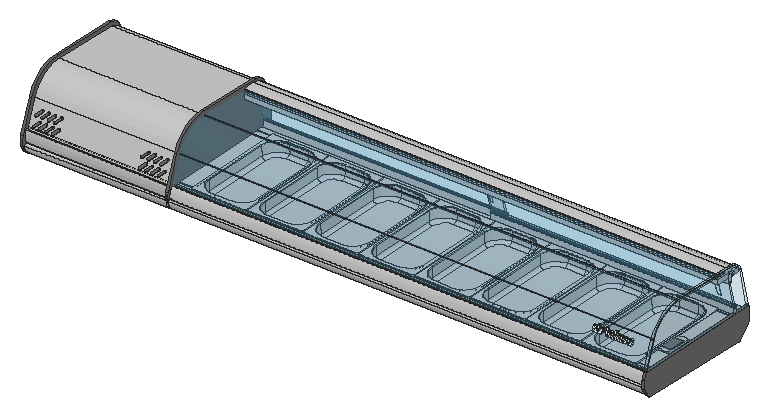
Revit family "QF_INFRICO_VET8P_250815113001", category Specialty Equipment, Revit 2021
Family settings
  Round Connector Dimension = Use Diameter
  Part Type = Normal
  OmniClass Number = 23.40.40.14
  OmniClass Title = Food Service Equipment
  Work Plane-Based = No
  Always vertical = Yes
  Cut with Voids When Loaded = No
  Shared = No
  Room Calculation Point = No
Parameters (values of type "VET8P")
  Weight [instance] = 45.0009 kg
  Warranty Start Date [instance] = ""
  Warranty Duration [instance] = ""
  Volts [instance] = 230 V
  Volt Free Conn [instance] = no
  URL Recommended Spares List [instance] = ""
  URL Manufacturer [instance] = ""
  URL Cutsheet [instance] = ""
  URL Critical Spares List [instance] = ""
  URL = "www.infrico.com"
  Technical Documentation [instance] = ""
  Tag Number [instance] = ""
  Status [instance] = ""
  Start Up Current [instance] = 0 A
  Specification by User [instance] = ""
  Specification by Manufacturer [instance] = ""
  Sound Level [instance] = ""
  Show Logo [instance] = yes
  Show Clearances [instance] = yes
  Service Life Duration [instance] = ""
  Serial Number [instance] = ""
  Seismic Rating [instance] = ""
  SMACNA No [instance] = ""
  Revision Code [instance] = ""
  Revision [instance] = ""
  Production Year [instance] = ""
  Potential Equalisation [instance] = no
  Point Load [instance] = 0
  Phase [instance] = 1
  Other Equipment Approvals [instance] = ""
  Operational Current [instance] = 0 A
  Number of Poles [instance] = 2
  No Load Power Draw [instance] = no
  NAFEM Spec ID Number [instance] = ""
  Model Warning [instance] = ""
  Model = "VET8P"
  Min Ckt Ampacity [instance] = 0 A
  Max Overcurrent Protection [instance] = 0 A
  Masterspec [instance] = ""
  Manufacturer = "INFRICO"
  Main switch integrated [instance] = no
  Length Actual [instance] = 1972.056 mm
  Item Number [instance] = ""
  Installed By [instance] = ""
  Installation Date [instance] = ""
  Identify Quantity as Lot [instance] = no
  ID [instance] = ""
  Hygiene Approval [instance] = ""
  Height Actual [instance] = 230.124 mm
  HP power [instance] = ""
  Furnished By [instance] = ""
  Foodservice Equipment Identifier [instance] = no
  FL Amps [instance] = 0 A
  Electrical Remarks [instance] = ""
  Electric power [instance] = 130 W
  Electric Connection Type [instance] = ""
  Elec Conn RI Height [instance] = 0 mm
  Elec Conn Connection Height [instance] = 0 mm
  ETL Approved [instance] = no
  Description = "BAR DISPLAY EXHIBITOR TAPAS AND APPETIZERS - R600"
  Depth Actual [instance] = 409.956 mm
  Default Elevation = 0 mm
  Cycle [instance] = 50 Hz
  Cost = 0
  Connection to energy optimisation system [instance] = yes
  Conn Plug [instance] = ""
  Conn Conduit [instance] = no
  Centralized building control system with digital interface [instance] = ""
  CSI MasterFormat [instance] = ""
  CE Approved [instance] = no
  Barcode [instance] = 0
  Author [instance] = ""
  Asset Identifier [instance] = ""
  Apparent Power [instance] = 130 VA
  Accessory [instance] = no
Reference planes
  plane 1 "Center (Front/Back)": y = 0
  plane 2: z = 0
  plane 3 "Center (Left/Right)": x = 0
Forms (mm)
  Extrusion 1, solid, not visible
    sketch origin (38.002, -44.002, 9) x (1, 0, 0) y (0, 1, 0)
      loop
        line (-2, 2) -> (-2, -2) -> (2, -2) -> (2, 2) -> (-2, 2)
    from -2 to 2
Dimensions and locks
  locked: nested 2 to Extrusion 1 at 2  (x2)
  aligned and locked: level to plane 2
Nested families
  nested 1: "QF_INFRICO_VET8P_2920" at (0, 0, 0), type "VET8P"
    with Weight 45.0009 kg, Warranty Start Date "", Warranty Duration "", URL Cutsheet "", Technical Documentation "", Tag Number "", Status "", Specification by User "", Specification by Manufacturer "", Sound Level "", Solid Fuel Type "", Show Logo yes, Show Clearances yes, Show Clearance yes, Service Life Duration "", Serial Number "", Seismic Rating "", SMACNA No "", Revision Code "", Revision "", Production Year "", Point Load 0, Other Equipment Approvals "", NAFEM Spec ID Number "", Model Warning "", Masterspec "", Length Actual 1972.056 mm, Item Number "", Installed By "", Installation Date "", Identify Quantity as Lot yes, ID "", Hygiene Approval "", Height Actual 230.124 mm, Furnished By "", Foodservice Equipment Identifier yes, ETL Approved yes, Depth Actual 409.956 mm, CSI MasterFormat "", CE Approved no, Barcode "", Author "", Asset Identifier "", Accessory no
  nested 2: "CONN_POINT_ELE_2D___Generic_Annotation" at (38.002, -44.002, 7), type "CONN_POINT_ELE_2D___Generic_Annotation"
    with Onboard connection annotation symbol visibility yes
Connectors
  electrical at (38.002, -44.002, 7), driven by "Apparent Power", driven by "Number of Poles", driven by "Volts"
    settings: on Extrusion 1, index 1, voltage 230 V, apparent load 0 VA, apparent load phase1 130 VA, apparent load phase2 0 VA, apparent load phase3 0 VA, power factor 1, load classification "Other", number of poles 2, system type 31, power factor state 1, is connector primary yes, connector utility no, sub classification motor no, connector description "Electrical connection for VET8P"
Definition of nested family "QF_INFRICO_VET8P_2920"
  Parameters (values of type "VET8P")
    Weight [instance] = 0.00 kg
    Warranty Start Date [instance] = ""
    Warranty Duration [instance] = ""
    URL Cutsheet [instance] = ""
    URL = "www.infrico.com"
    Technical Documentation [instance] = ""
    Tag Number [instance] = ""
    Status [instance] = ""
    Specification by User [instance] = ""
    Specification by Manufacturer [instance] = ""
    Sound Level [instance] = ""
    Solid Fuel Type [instance] = ""
    Show Logo [instance] = yes
    Show Clearances [instance] = yes
    Show Clearance [instance] = yes
    Service Life Duration [instance] = ""
    Serial Number [instance] = ""
    Seismic Rating [instance] = ""
    SMACNA No [instance] = ""
    Revision Code [instance] = ""
    Revision [instance] = ""
    Production Year [instance] = ""
    Point Load [instance] = 0
    Other Equipment Approvals [instance] = ""
    NAFEM Spec ID Number [instance] = ""
    Model Warning [instance] = ""
    Model = "VET8P"
    Masterspec [instance] = ""
    Manufacturer = "INFRICO"
    Length Actual [instance] = 0 mm
    Item Number [instance] = ""
    Installed By [instance] = ""
    Installation Date [instance] = ""
    Identify Quantity as Lot [instance] = yes
    ID [instance] = ""
    Hygiene Approval [instance] = ""
    Height Actual [instance] = 0 mm
    Furnished By [instance] = ""
    Foodservice Equipment Identifier [instance] = yes
    ETL Approved [instance] = yes
    Description = "BAR DISPLAY EXHIBITOR TAPAS AND APPETIZERS - R600"
    Depth Actual [instance] = 0 mm
    Default Elevation = 0 mm
    CSI MasterFormat [instance] = ""
    CE Approved [instance] = yes
    Barcode [instance] = ""
    Author [instance] = ""
    Asset Identifier [instance] = ""
    Assembly Code = "E1090320"
    Accessory [instance] = yes
  Reference planes
    plane 1 "Back": y = 0
    plane 2: z = 0
    plane 3 "Left": x = 0
    plane 4 "Right": x = 1972
    plane 5 "Front": y = -410
    plane 6 "Top": z = 230
  Forms (mm)
    Extrusion 1, solid
      sketch origin (0, 0, 0) x (0, 1, 0) y (0, 0, 1)
        loop
          arc (-36, 5) -> (-33.764, 5.528) -> (-32, 7) r 5
          line (-32, 7) -> (-1, 42)
          arc (-1, 42) -> (-0.257, 43.419) -> (0, 45) r 5
          line (0, 45) -> (0, 93) -> (-25, 203)
          arc (-25, 203) -> (-37.292, 222.429) -> (-59, 230) r 34.907
          line (-59, 230) -> (-266.176, 230)
          arc (-266.176, 230) -> (-331.51, 209.383) -> (-373.176, 155) r 113.827
          line (-373.176, 155) -> (-407.176, 61)
          arc (-407.176, 61) -> (-407.489, 29.671) -> (-388.176, 5) r 47.366
          line (-388.176, 5) -> (-36, 5)
      from 0 to 8
    Extrusion 2, solid
      sketch origin (458, 0, 0) x (0, 1, 0) y (0, 0, 1)
        loop
          line (-59, 230) -> (-266.176, 230)
          arc (-266.176, 230) -> (-331.51, 209.383) -> (-373.176, 155) r 113.827
          line (-373.176, 155) -> (-407.176, 61)
          arc (-407.176, 61) -> (-408.779, 55.576) -> (-409.723, 50) r 47.366
          arc (-409.723, 50) -> (-407.199, 42.249) -> (-399.723, 39) r 9.929
          line (-399.723, 39) -> (-362.091, 39) -> (-362.091, 5) -> (-95.091, 5) -> (-95.091, 78) -> (-58.091, 78) -> (-58.091, 85) -> (-4.091, 85) -> (-4.091, 111) -> (-25, 203)
          arc (-25, 203) -> (-37.292, 222.429) -> (-59, 230) r 34.907
      from 0 to 8
    Extrusion 3, solid
      sketch origin (0, 0, 0) x (0, 1, 0) y (0, 0, 1)
        loop
          line (-59, 221) -> (-266.176, 221)
          arc (-266.176, 221) -> (-326.388, 201.982) -> (-364.752, 151.829) r 104.827
          line (-364.752, 151.829) -> (-398, 59.909) -> (-396.119, 59.228) -> (-389.691, 77) -> (-387.723, 77) -> (-384.723, 74) -> (-379.723, 74) -> (-379.723, 49)
          arc (-379.723, 49) -> (-382.652, 41.929) -> (-389.723, 39) r 10
          line (-389.723, 39) -> (-399.723, 39)
          arc (-399.723, 39) -> (-403.098, 36.729) -> (-404.723, 33) r 7.268
          arc (-404.723, 33) -> (-399.374, 15.527) -> (-382.723, 8) r 22.18
          line (-382.723, 8) -> (-36.98, 8) -> (-4.091, 45) -> (-4.091, 85) -> (-20, 85) -> (-20, 154) -> (-30, 197)
          arc (-30, 197) -> (-40.178, 214.222) -> (-59, 221) r 29.521
      from 8 to 458
    Extrusion 4, solid
      sketch origin (0, 0, 0) x (0, 1, 0) y (0, 0, 1)
        loop
          line (-398, 77) -> (-399, 77)
          arc (-399, 77) -> (-399.594, 76.594) -> (-400, 76) r 1.947
          arc (-400, 76) -> (-402, 59) -> (-400, 42) r 73.25
          line (-400, 42) -> (-398, 42) -> (-398, 49) -> (-390, 49) -> (-390, 42) -> (-388, 42) -> (-388, 77) -> (-389, 77) -> (-390, 76) -> (-390, 57) -> (-398, 57) -> (-398, 77)
      from 8 to 458
    Extrusion 5, solid
      sketch origin (0, 0, 0) x (0, 1, 0) y (0, 0, 1)
        loop
          arc (-404.723, 33) -> (-399.374, 15.527) -> (-382.723, 8) r 22.18
          line (-382.723, 8) -> (-382.723, 10)
          arc (-382.723, 10) -> (-397.873, 16.849) -> (-402.74, 32.746) r 20.18
          arc (-402.74, 32.746) -> (-401.652, 35.337) -> (-399.386, 37) r 5.268
          line (-399.386, 37) -> (-389.723, 37)
          arc (-389.723, 37) -> (-381.238, 40.515) -> (-377.723, 49) r 12
          line (-377.723, 49) -> (-377.723, 72) -> (-369.723, 72) -> (-369.723, 63) -> (-367.723, 63) -> (-367.723, 74) -> (-379.723, 74) -> (-379.723, 49)
          arc (-379.723, 49) -> (-382.652, 41.929) -> (-389.723, 39) r 10
          line (-389.723, 39) -> (-399.723, 39)
          arc (-399.723, 39) -> (-403.098, 36.729) -> (-404.723, 33) r 7.268
      from 466 to 1964
    Extrusion 6, solid
      sketch origin (-8, 0, 0) x (0, 1, 0) y (0, 0, 1)
        loop
          arc (-404.723, 33) -> (-399.374, 15.527) -> (-382.723, 8) r 22.18
          line (-382.723, 8) -> (-382.723, 10)
          arc (-382.723, 10) -> (-397.873, 16.849) -> (-402.74, 32.746) r 20.18
          arc (-402.74, 32.746) -> (-401.652, 35.337) -> (-399.386, 37) r 5.268
          line (-399.386, 37) -> (-389.723, 37) -> (-389.723, 39) -> (-399.723, 39)
          arc (-399.723, 39) -> (-403.098, 36.729) -> (-404.723, 33) r 7.268
      from 466 to 474
    Extrusion 7, solid
      sketch origin (0, 0, 0) x (0, 1, 0) y (0, 0, 1)
        loop
          line (-379.723, 66) -> (-382.723, 66) -> (-382.723, 49)
          arc (-382.723, 49) -> (-384.774, 44.05) -> (-389.723, 42) r 7
          line (-389.723, 42) -> (-391.565, 51.238) -> (-383.884, 72.475) -> (-385.765, 73.155) -> (-392.568, 54.348) -> (-399.15, 56.729) -> (-392.346, 75.541) -> (-393.131, 76.133)
          arc (-393.131, 76.133) -> (-393.871, 76.325) -> (-394.531, 75.937) r 1
          arc (-394.531, 75.937) -> (-402.595, 60.751) -> (-405.533, 43.81) r 54.562
          line (-405.533, 43.81) -> (-404.723, 43) -> (-398.723, 43) -> (-397.723, 39) -> (-389.723, 39)
          arc (-389.723, 39) -> (-382.652, 41.929) -> (-379.723, 49) r 10
          line (-379.723, 49) -> (-379.723, 66)
      from 466 to 1964
    Extrusion 8, solid
      sketch origin (0, 0, 0) x (0, 1, 0) y (0, 0, 1)
        loop
          line (-84.091, 221) -> (-84.091, 216) -> (-109.091, 216) -> (-109.091, 210) -> (-69.091, 210) -> (-69.091, 215) -> (-62.091, 215) -> (-62.091, 210) -> (-59.091, 210) -> (-59.091, 220)
          arc (-59.091, 220) -> (-51.525, 219.498) -> (-44.091, 218) r 57.25
          line (-44.091, 218) -> (-36.091, 211) -> (-34.774, 212.505)
          arc (-34.774, 212.505) -> (-54.577, 225.298) -> (-77.774, 229.505) r 60.199
          arc (-77.774, 229.505) -> (-93.946, 228.105) -> (-109.774, 224.505) r 118.311
          line (-109.774, 224.505) -> (-109.774, 221) -> (-84.091, 221)
      from 466 to 1964
    Extrusion 9, solid
      sketch origin (0, 0, 0) x (0, 1, 0) y (0, 0, 1)
        loop
          line (-84.091, 221) -> (-266.176, 221)
          arc (-266.176, 221) -> (-326.388, 201.982) -> (-364.752, 151.829) r 104.827
          line (-364.752, 151.829) -> (-399.15, 56.729) -> (-394.448, 55.028) -> (-360.05, 150.128)
          arc (-360.05, 150.128) -> (-323.516, 197.889) -> (-266.176, 216) r 99.827
          line (-266.176, 216) -> (-84.091, 216) -> (-84.091, 221)
      from 466 to 1964
    Extrusion 10, solid
      sketch origin (0, 0, 0) x (0, 1, 0) y (0, 0, 1)
        loop
          line (-110.091, 210) -> (-110.091, 197) -> (-66.091, 197) -> (-66.091, 198) -> (-68.091, 198) -> (-69.091, 199) -> (-69.091, 207) -> (-58.091, 207) -> (-58.091, 199) -> (-59.091, 198) -> (-61.091, 198) -> (-61.091, 197) -> (-53.091, 197) -> (-53.091, 198) -> (-55.091, 198) -> (-56.091, 199) -> (-56.091, 207) -> (-45.091, 207) -> (-45.091, 199) -> (-46.091, 198) -> (-48.091, 198) -> (-48.091, 197) -> (-31.091, 197) -> (-33.091, 210) -> (-110.091, 210)
      from 466 to 1964
    Extrusion 11, solid
      sketch origin (0, 500, 0) x (0, 1, 0) y (0, 0, 1)
        loop
          line (-504.091, 85) -> (-558.091, 85) -> (-558.091, 10) -> (-882.723, 10) -> (-882.723, 8) -> (-536.98, 8) -> (-504.091, 45) -> (-504.091, 85)
      from 466 to 1964
    Extrusion 12, solid
      sketch origin (466, 500, 0) x (0, 1, 0) y (0, 0, 1)
        loop
          line (-558.091, 85) -> (-867.723, 74) -> (-867.723, 10) -> (-558.091, 10) -> (-558.091, 85)
      from 0 to 50
    Extrusion 13, solid
      sketch origin (1914, 500, 0) x (0, 1, 0) y (0, 0, 1)
        loop
          line (-558.091, 85) -> (-867.723, 74) -> (-867.723, 10) -> (-558.091, 10) -> (-558.091, 85)
      from 0 to 50
    Extrusion 14, solid
      sketch origin (0, 500, -10) x (0, 1, 0) y (0, 0, 1)
        loop
          line (-558.091, 47) -> (-558.091, 49) -> (-867.723, 38) -> (-867.723, 36) -> (-558.091, 47)
      from 516 to 1914
    Extrusion 15, solid
      sketch origin (466, -500, 0) x (0, 1, 0) y (0, 0, 1)
        loop
          line (453.909, 198) -> (453.909, 206) -> (444.909, 206) -> (444.909, 198) -> (446.909, 198) -> (446.909, 197) -> (444.409, 197) -> (444.409, 181) -> (446.409, 181) -> (446.409, 187) -> (452.409, 187) -> (452.409, 181) -> (454.409, 181) -> (454.409, 197) -> (451.909, 197) -> (451.909, 198) -> (453.909, 198)
      from 0 to 767
    Extrusion 16, solid
      sketch origin (1549, -513, 0) x (0, 1, 0) y (0, 0, 1)
        loop
          line (453.909, 198) -> (453.909, 206) -> (444.909, 206) -> (444.909, 198) -> (446.909, 198) -> (446.909, 197) -> (444.409, 197) -> (444.409, 181) -> (446.409, 181) -> (446.409, 187) -> (452.409, 187) -> (452.409, 181) -> (454.409, 181) -> (454.409, 197) -> (451.909, 197) -> (451.909, 198) -> (453.909, 198)
      from -352 to 415
    Extrusion 17, solid
      sketch origin (466, -480, 286) x (0, 1, 0) y (0, 0, 1)
        loop
          line (454.409, -201) -> (454.409, -181) -> (452.409, -181) -> (452.409, -187) -> (446.409, -187) -> (446.409, -181) -> (444.409, -181) -> (444.409, -201) -> (454.409, -201)
      from 0 to 767
    Extrusion 18, solid
      sketch origin (1549, -493, 286) x (0, 1, 0) y (0, 0, 1)
        loop
          line (454.409, -201) -> (454.409, -181) -> (452.409, -181) -> (452.409, -187) -> (446.409, -187) -> (446.409, -181) -> (444.409, -181) -> (444.409, -201) -> (454.409, -201)
      from -352 to 415
    Extrusion 19, solid
      sketch origin (352, -500, 0) x (0, 1, 0) y (0, 0, 1)
        loop
          line (472.409, 101.654) -> (451.257, 185.55) -> (446.409, 184.328) -> (467.561, 100.432) -> (472.409, 101.654)
      from 841 to 881
    Extrusion 20, solid
      sketch origin (731, -513, 0) x (0, 1, 0) y (0, 0, 1)
        loop
          line (472.409, 101.654) -> (451.257, 185.55) -> (446.409, 184.328) -> (467.561, 100.432) -> (472.409, 101.654)
      from 466 to 1181
    Extrusion 21, solid
      sketch origin (1181, 0, 0) x (0, 1, 0) y (0, 0, 1)
        loop
          line (-48.743, 185.55) -> (-53.591, 184.328) -> (-32.439, 100.432) -> (-27.591, 101.654) -> (-33.277, 124.209)
          arc (-33.277, 124.209) -> (-40.106, 143.113) -> (-43.056, 162.995) r 101
          line (-43.056, 162.995) -> (-48.743, 185.55)
      from 0 to 12
    Extrusion 22, solid
      sketch origin (-52, -500, 0) x (0, 1, 0) y (0, 0, 1)
        loop
          line (472.409, 101.654) -> (451.257, 185.55) -> (446.409, 184.328) -> (467.561, 100.432) -> (472.409, 101.654)
      from 518 to 1233
    Extrusion 23, solid
      sketch origin (1912, -13, 0) x (0, 1, 0) y (0, 0, 1)
        loop
          line (-48.743, 185.55) -> (-53.591, 184.328) -> (-32.439, 100.432) -> (-27.591, 101.654) -> (-33.277, 124.209)
          arc (-33.277, 124.209) -> (-40.106, 143.113) -> (-43.056, 162.995) r 101
          line (-43.056, 162.995) -> (-48.743, 185.55)
      from 0 to 12
    Extrusion 24, solid
      sketch origin (1458, -513, 0) x (0, 1, 0) y (0, 0, 1)
        loop
          line (472.409, 101.654) -> (451.257, 185.55) -> (446.409, 184.328) -> (467.561, 100.432) -> (472.409, 101.654)
      from 466 to 506
    Extrusion 25, solid
      sketch origin (1964, 0, 0) x (0, 1, 0) y (0, 0, 1)
        loop
          arc (-36, 5) -> (-33.764, 5.528) -> (-32, 7) r 5
          line (-32, 7) -> (-1, 42)
          arc (-1, 42) -> (-0.257, 43.419) -> (0, 45) r 5
          line (0, 45) -> (0, 91) -> (-401.389, 77) -> (-407.176, 61)
          arc (-407.176, 61) -> (-407.489, 29.671) -> (-388.176, 5) r 47.366
          line (-388.176, 5) -> (-36, 5)
      from 0 to 8
    Extrusion 26, solid
      sketch origin (704, -500, 0) x (0, 1, 0) y (0, 0, 1)
        loop
          line (500, 91) -> (500, 93) -> (475, 203)
          arc (475, 203) -> (462.708, 222.429) -> (441, 230) r 34.907
          line (441, 230) -> (233.824, 230)
          arc (233.824, 230) -> (168.49, 209.383) -> (126.824, 155) r 113.827
          line (126.824, 155) -> (98.611, 77) -> (500, 91)
      from 1260 to 1268
    Extrusion 27, solid, visible <- "Show Logo"
      sketch origin (618.769, -613.278, -535.272) x (1, 0, 0) y (0, 0.340136, 0.940376)
        loop
          line (1208.799, 696.53) -> (1208.799, 719.204) -> (1204.173, 719.204) -> (1204.173, 696.53) -> (1208.799, 696.53)
        loop
          line (1214.779, 713.006) -> (1211.283, 713.006) -> (1211.283, 696.53) -> (1215.772, 696.53) -> (1215.772, 707.832)
          arc (1215.772, 707.832) -> (1217.528, 708.741) -> (1219.417, 709.324) r 11.052
          arc (1219.417, 709.324) -> (1220.929, 708.961) -> (1221.598, 707.557) r 1.806
          line (1221.598, 707.557) -> (1221.598, 696.53) -> (1226.121, 696.53) -> (1226.121, 708.689)
          arc (1226.121, 708.689) -> (1224.637, 712.075) -> (1221.141, 713.281) r 4.607
          arc (1221.141, 713.281) -> (1218.282, 712.674) -> (1215.669, 711.361) r 11.435
          line (1215.669, 711.361) -> (1215.601, 712.184)
          arc (1215.601, 712.184) -> (1215.36, 712.765) -> (1214.779, 713.006) r 0.822
        loop
          line (1238.557, 720.102) -> (1237.306, 720.102)
          arc (1237.306, 720.102) -> (1235.052, 719.926) -> (1232.881, 719.297) r 11.103
          arc (1232.881, 719.297) -> (1230.805, 717.616) -> (1230.024, 715.062) r 4.567
          line (1230.024, 715.062) -> (1230.024, 712.909) -> (1227.351, 712.703) -> (1227.351, 709.374) -> (1230.024, 709.374) -> (1230.024, 696.53) -> (1234.547, 696.53) -> (1234.547, 709.374) -> (1238.249, 709.374) -> (1238.249, 712.938) -> (1234.547, 712.938) -> (1234.547, 714.548)
          arc (1234.547, 714.548) -> (1234.956, 715.705) -> (1236.045, 716.271) r 1.67
          line (1236.045, 716.271) -> (1237.7, 716.399)
          arc (1237.7, 716.399) -> (1238.306, 716.65) -> (1238.557, 717.255) r 0.857
          line (1238.557, 717.255) -> (1238.557, 720.102)
        loop
          line (1239.479, 713.006) -> (1239.479, 696.53) -> (1243.968, 696.53) -> (1243.968, 707.352)
          arc (1243.968, 707.352) -> (1245.873, 708.631) -> (1248.077, 709.268) r 7.435
          line (1248.077, 709.268) -> (1249.241, 709.416)
          arc (1249.241, 709.416) -> (1249.643, 709.758) -> (1249.793, 710.265) r 0.928
          line (1249.793, 710.265) -> (1249.793, 712.458)
          arc (1249.793, 712.458) -> (1249.531, 713.061) -> (1248.912, 713.28) r 0.824
          arc (1248.912, 713.28) -> (1246.197, 712.588) -> (1243.899, 710.984) r 7.833
          line (1243.899, 710.984) -> (1243.726, 713.006) -> (1239.479, 713.006)
        loop
          line (1255.495, 696.53) -> (1255.495, 713.006) -> (1251.006, 713.006) -> (1251.006, 696.53) -> (1255.495, 696.53)
        loop
          arc (1257.421, 701.327) -> (1258.567, 698.188) -> (1261.466, 696.525) r 4.873
          arc (1261.466, 696.525) -> (1264.493, 696.266) -> (1267.521, 696.525) r 17.816
          arc (1267.521, 696.525) -> (1270.575, 699.134) -> (1271.505, 703.041) r 6.481
          line (1271.505, 703.041) -> (1267.187, 703.041) -> (1267.187, 701.67)
          arc (1267.187, 701.67) -> (1266.64, 700.452) -> (1265.442, 699.865) r 1.965
          arc (1265.442, 699.865) -> (1264.547, 699.816) -> (1263.653, 699.865) r 8.196
          arc (1263.653, 699.865) -> (1262.417, 700.415) -> (1261.91, 701.67) r 1.806
          line (1261.91, 701.67) -> (1261.91, 707.9)
          arc (1261.91, 707.9) -> (1262.417, 709.155) -> (1263.653, 709.705) r 1.806
          arc (1263.653, 709.705) -> (1264.547, 709.754) -> (1265.442, 709.705) r 8.196
          arc (1265.442, 709.705) -> (1266.64, 709.118) -> (1267.187, 707.9) r 1.965
          line (1267.187, 707.9) -> (1267.187, 706.838) -> (1271.505, 706.838)
          arc (1271.505, 706.838) -> (1270.524, 710.556) -> (1267.521, 712.959) r 6.132
          arc (1267.521, 712.959) -> (1264.493, 713.294) -> (1261.466, 712.959) r 13.851
          arc (1261.466, 712.959) -> (1258.571, 711.349) -> (1257.421, 708.243) r 4.772
          line (1257.421, 708.243) -> (1257.421, 701.327)
        loop
          arc (1272.916, 701.329) -> (1273.993, 698.345) -> (1276.726, 696.734) r 4.676
          arc (1276.726, 696.734) -> (1278.515, 696.455) -> (1280.318, 696.291) r 28.371
          arc (1280.318, 696.291) -> (1282.122, 696.455) -> (1283.911, 696.734) r 28.371
          arc (1283.911, 696.734) -> (1286.644, 698.345) -> (1287.72, 701.329) r 4.676
          line (1287.72, 701.329) -> (1287.72, 708.242)
          arc (1287.72, 708.242) -> (1286.644, 711.226) -> (1283.911, 712.837) r 4.676
          arc (1283.911, 712.837) -> (1282.122, 713.116) -> (1280.318, 713.28) r 28.371
          arc (1280.318, 713.28) -> (1278.515, 713.116) -> (1276.726, 712.837) r 28.371
          arc (1276.726, 712.837) -> (1273.993, 711.226) -> (1272.916, 708.242) r 4.676
          line (1272.916, 708.242) -> (1272.916, 701.329)
        loop
          line (1277.405, 707.866) -> (1277.405, 701.705)
          arc (1277.405, 701.705) -> (1277.844, 700.556) -> (1278.936, 699.991) r 1.725
          arc (1278.936, 699.991) -> (1279.627, 699.918) -> (1280.318, 699.856) r 46.133
          arc (1280.318, 699.856) -> (1281.01, 699.918) -> (1281.701, 699.991) r 46.133
          arc (1281.701, 699.991) -> (1282.793, 700.556) -> (1283.231, 701.705) r 1.725
          line (1283.231, 701.705) -> (1283.231, 707.866)
          arc (1283.231, 707.866) -> (1282.793, 709.015) -> (1281.701, 709.58) r 1.725
          arc (1281.701, 709.58) -> (1281.01, 709.653) -> (1280.318, 709.716) r 46.133
          arc (1280.318, 709.716) -> (1279.627, 709.653) -> (1278.936, 709.58) r 46.133
          arc (1278.936, 709.58) -> (1277.844, 709.015) -> (1277.405, 707.866) r 1.725
        loop
          arc (1190.339, 696.543) -> (1191.411, 696.987) -> (1191.856, 698.059) r 1.516
          line (1191.856, 698.059) -> (1191.856, 703.891) -> (1196.035, 703.891)
          arc (1196.035, 703.891) -> (1196.79, 704.121) -> (1197.218, 704.782) r 1.147
          line (1197.218, 704.782) -> (1197.218, 706.211)
          arc (1197.218, 706.211) -> (1196.787, 707.258) -> (1195.719, 707.634) r 1.385
          line (1195.719, 707.634) -> (1194.52, 707.634) -> (1197.218, 710.332)
          arc (1197.218, 710.332) -> (1197.605, 711.266) -> (1197.218, 712.2) r 1.321
          line (1197.218, 712.2) -> (1196.495, 712.923)
          arc (1196.495, 712.923) -> (1195.54, 713.338) -> (1194.558, 712.991) r 1.422
          line (1194.558, 712.991) -> (1191.853, 710.286) -> (1191.853, 711.479)
          arc (1191.853, 711.479) -> (1191.443, 712.516) -> (1190.435, 712.992) r 1.516
          line (1190.435, 712.992) -> (1189.514, 712.992)
          arc (1189.514, 712.992) -> (1188.511, 712.514) -> (1188.103, 711.479) r 1.516
          line (1188.103, 711.479) -> (1188.103, 706.83) -> (1182.073, 701.336) -> (1182.073, 707.509) -> (1185.639, 711.075)
          arc (1185.639, 711.075) -> (1186.053, 712.073) -> (1185.639, 713.071) r 1.412
          line (1185.639, 713.071) -> (1184.987, 713.723)
          arc (1184.987, 713.723) -> (1183.939, 714.141) -> (1182.915, 713.667) r 1.428
          line (1182.915, 713.667) -> (1182.073, 712.825) -> (1182.073, 717.784)
          arc (1182.073, 717.784) -> (1181.658, 718.787) -> (1180.655, 719.203) r 1.418
          line (1180.655, 719.203) -> (1179.726, 719.203)
          arc (1179.726, 719.203) -> (1178.723, 718.787) -> (1178.308, 717.784) r 1.418
          line (1178.308, 717.784) -> (1178.308, 712.825) -> (1177.466, 713.667)
          arc (1177.466, 713.667) -> (1176.442, 714.141) -> (1175.394, 713.723) r 1.428
          line (1175.394, 713.723) -> (1174.742, 713.071)
          arc (1174.742, 713.071) -> (1174.328, 712.073) -> (1174.742, 711.075) r 1.412
          line (1174.742, 711.075) -> (1178.308, 707.509) -> (1178.308, 701.336) -> (1172.278, 706.83) -> (1172.278, 711.479)
          arc (1172.278, 711.479) -> (1171.87, 712.514) -> (1170.867, 712.992) r 1.516
          line (1170.867, 712.992) -> (1169.946, 712.992)
          arc (1169.946, 712.992) -> (1168.938, 712.516) -> (1168.528, 711.479) r 1.516
          line (1168.528, 711.479) -> (1168.528, 710.286) -> (1165.823, 712.991)
          arc (1165.823, 712.991) -> (1164.841, 713.338) -> (1163.886, 712.923) r 1.422
          line (1163.886, 712.923) -> (1163.163, 712.2)
          arc (1163.163, 712.2) -> (1162.776, 711.266) -> (1163.163, 710.332) r 1.321
          line (1163.163, 710.332) -> (1165.861, 707.634) -> (1164.662, 707.634)
          arc (1164.662, 707.634) -> (1163.594, 707.258) -> (1163.163, 706.211) r 1.385
          line (1163.163, 706.211) -> (1163.163, 704.782)
          arc (1163.163, 704.782) -> (1163.591, 704.121) -> (1164.346, 703.891) r 1.147
          line (1164.346, 703.891) -> (1168.525, 703.891) -> (1168.525, 698.059)
          arc (1168.525, 698.059) -> (1168.969, 696.987) -> (1170.042, 696.543) r 1.516
          line (1170.042, 696.543) -> (1190.339, 696.543)
      from 0 to 2
    Extrusion 28, solid
      sketch origin (0, -19.9, -42) x (1, 0, 0) y (0, 0, 1)
        loop
          arc (355.95, 156.95) -> (351, 156.95) -> (351, 152) r 3.5
          line (351, 152) -> (366.556, 136.444)
          arc (366.556, 136.444) -> (371.506, 136.444) -> (371.506, 141.393) r 3.5
          line (371.506, 141.393) -> (355.95, 156.95)
        loop
          arc (335.95, 156.95) -> (331, 156.95) -> (331, 152) r 3.5
          line (331, 152) -> (346.556, 136.444)
          arc (346.556, 136.444) -> (351.506, 136.444) -> (351.506, 141.393) r 3.5
          line (351.506, 141.393) -> (335.95, 156.95)
        loop
          arc (315.95, 156.95) -> (311, 156.95) -> (311, 152) r 3.5
          line (311, 152) -> (326.556, 136.444)
          arc (326.556, 136.444) -> (331.506, 136.444) -> (331.506, 141.393) r 3.5
          line (331.506, 141.393) -> (315.95, 156.95)
        loop
          arc (295.95, 156.95) -> (291, 156.95) -> (291, 152) r 3.5
          line (291, 152) -> (306.556, 136.444)
          arc (306.556, 136.444) -> (311.506, 136.444) -> (311.506, 141.393) r 3.5
          line (311.506, 141.393) -> (295.95, 156.95)
        loop
          arc (275.95, 156.95) -> (271, 156.95) -> (271, 152) r 3.5
          line (271, 152) -> (286.556, 136.444)
          arc (286.556, 136.444) -> (291.506, 136.444) -> (291.506, 141.393) r 3.5
          line (291.506, 141.393) -> (275.95, 156.95)
        loop
          arc (255.95, 156.95) -> (251, 156.95) -> (251, 152) r 3.5
          line (251, 152) -> (266.556, 136.444)
          arc (266.556, 136.444) -> (271.506, 136.444) -> (271.506, 141.393) r 3.5
          line (271.506, 141.393) -> (255.95, 156.95)
        loop
          arc (355.95, 186.95) -> (351, 186.95) -> (351, 182) r 3.5
          line (351, 182) -> (366.556, 166.444)
          arc (366.556, 166.444) -> (371.506, 166.444) -> (371.506, 171.393) r 3.5
          line (371.506, 171.393) -> (355.95, 186.95)
        loop
          arc (335.95, 186.95) -> (331, 186.95) -> (331, 182) r 3.5
          line (331, 182) -> (346.556, 166.444)
          arc (346.556, 166.444) -> (351.506, 166.444) -> (351.506, 171.393) r 3.5
          line (351.506, 171.393) -> (335.95, 186.95)
        loop
          arc (315.95, 186.95) -> (311, 186.95) -> (311, 182) r 3.5
          line (311, 182) -> (326.556, 166.444)
          arc (326.556, 166.444) -> (331.506, 166.444) -> (331.506, 171.393) r 3.5
          line (331.506, 171.393) -> (315.95, 186.95)
        loop
          arc (295.95, 186.95) -> (291, 186.95) -> (291, 182) r 3.5
          line (291, 182) -> (306.556, 166.444)
          arc (306.556, 166.444) -> (311.506, 166.444) -> (311.506, 171.393) r 3.5
          line (311.506, 171.393) -> (295.95, 186.95)
        loop
          arc (275.95, 186.95) -> (271, 186.95) -> (271, 182) r 3.5
          line (271, 182) -> (286.556, 166.444)
          arc (286.556, 166.444) -> (291.506, 166.444) -> (291.506, 171.393) r 3.5
          line (291.506, 171.393) -> (275.95, 186.95)
        loop
          arc (255.95, 186.95) -> (251, 186.95) -> (251, 182) r 3.5
          line (251, 182) -> (266.556, 166.444)
          arc (266.556, 166.444) -> (271.506, 166.444) -> (271.506, 171.393) r 3.5
          line (271.506, 171.393) -> (255.95, 186.95)
        loop
          arc (180.95, 156.95) -> (176, 156.95) -> (176, 152) r 3.5
          line (176, 152) -> (191.556, 136.444)
          arc (191.556, 136.444) -> (196.506, 136.444) -> (196.506, 141.393) r 3.5
          line (196.506, 141.393) -> (180.95, 156.95)
        loop
          arc (180.95, 186.95) -> (176, 186.95) -> (176, 182) r 3.5
          line (176, 182) -> (191.556, 166.444)
          arc (191.556, 166.444) -> (196.506, 166.444) -> (196.506, 171.393) r 3.5
          line (196.506, 171.393) -> (180.95, 186.95)
        loop
          arc (160.95, 156.95) -> (156, 156.95) -> (156, 152) r 3.5
          line (156, 152) -> (171.556, 136.444)
          arc (171.556, 136.444) -> (176.506, 136.444) -> (176.506, 141.393) r 3.5
          line (176.506, 141.393) -> (160.95, 156.95)
        loop
          arc (160.95, 186.95) -> (156, 186.95) -> (156, 182) r 3.5
          line (156, 182) -> (171.556, 166.444)
          arc (171.556, 166.444) -> (176.506, 166.444) -> (176.506, 171.393) r 3.5
          line (176.506, 171.393) -> (160.95, 186.95)
        loop
          arc (140.95, 156.95) -> (136, 156.95) -> (136, 152) r 3.5
          line (136, 152) -> (151.556, 136.444)
          arc (151.556, 136.444) -> (156.506, 136.444) -> (156.506, 141.393) r 3.5
          line (156.506, 141.393) -> (140.95, 156.95)
        loop
          arc (140.95, 186.95) -> (136, 186.95) -> (136, 182) r 3.5
          line (136, 182) -> (151.556, 166.444)
          arc (151.556, 166.444) -> (156.506, 166.444) -> (156.506, 171.393) r 3.5
          line (156.506, 171.393) -> (140.95, 186.95)
        loop
          arc (60.95, 156.95) -> (56, 156.95) -> (56, 152) r 3.5
          line (56, 152) -> (71.556, 136.444)
          arc (71.556, 136.444) -> (76.506, 136.444) -> (76.506, 141.393) r 3.5
          line (76.506, 141.393) -> (60.95, 156.95)
        loop
          arc (60.95, 186.95) -> (56, 186.95) -> (56, 182) r 3.5
          line (56, 182) -> (71.556, 166.444)
          arc (71.556, 166.444) -> (76.506, 166.444) -> (76.506, 171.393) r 3.5
          line (76.506, 171.393) -> (60.95, 186.95)
        loop
          arc (40.95, 156.95) -> (36, 156.95) -> (36, 152) r 3.5
          line (36, 152) -> (51.556, 136.444)
          arc (51.556, 136.444) -> (56.506, 136.444) -> (56.506, 141.393) r 3.5
          line (56.506, 141.393) -> (40.95, 156.95)
        loop
          arc (40.95, 186.95) -> (36, 186.95) -> (36, 182) r 3.5
          line (36, 182) -> (51.556, 166.444)
          arc (51.556, 166.444) -> (56.506, 166.444) -> (56.506, 171.393) r 3.5
          line (56.506, 171.393) -> (40.95, 186.95)
        loop
          arc (20.95, 156.95) -> (16, 156.95) -> (16, 152) r 3.5
          line (16, 152) -> (31.556, 136.444)
          arc (31.556, 136.444) -> (36.506, 136.444) -> (36.506, 141.393) r 3.5
          line (36.506, 141.393) -> (20.95, 156.95)
        loop
          arc (20.95, 186.95) -> (16, 186.95) -> (16, 182) r 3.5
          line (16, 182) -> (31.556, 166.444)
          arc (31.556, 166.444) -> (36.506, 166.444) -> (36.506, 171.393) r 3.5
          line (36.506, 171.393) -> (20.95, 186.95)
      from 0 to 2
    Extrusion 29, solid
      sketch origin (0, 14.914, 4.3) x (1, 0, 0) y (0, -0.226513, 0.974008)
        loop
          arc (355.95, 186.95) -> (351, 186.95) -> (351, 182) r 3.5
          line (351, 182) -> (366.556, 166.444)
          arc (366.556, 166.444) -> (371.506, 166.444) -> (371.506, 171.393) r 3.5
          line (371.506, 171.393) -> (355.95, 186.95)
        loop
          arc (335.95, 186.95) -> (331, 186.95) -> (331, 182) r 3.5
          line (331, 182) -> (346.556, 166.444)
          arc (346.556, 166.444) -> (351.506, 166.444) -> (351.506, 171.393) r 3.5
          line (351.506, 171.393) -> (335.95, 186.95)
        loop
          arc (315.95, 186.95) -> (311, 186.95) -> (311, 182) r 3.5
          line (311, 182) -> (326.556, 166.444)
          arc (326.556, 166.444) -> (331.506, 166.444) -> (331.506, 171.393) r 3.5
          line (331.506, 171.393) -> (315.95, 186.95)
        loop
          arc (295.95, 186.95) -> (291, 186.95) -> (291, 182) r 3.5
          line (291, 182) -> (306.556, 166.444)
          arc (306.556, 166.444) -> (311.506, 166.444) -> (311.506, 171.393) r 3.5
          line (311.506, 171.393) -> (295.95, 186.95)
        loop
          arc (275.95, 186.95) -> (271, 186.95) -> (271, 182) r 3.5
          line (271, 182) -> (286.556, 166.444)
          arc (286.556, 166.444) -> (291.506, 166.444) -> (291.506, 171.393) r 3.5
          line (291.506, 171.393) -> (275.95, 186.95)
        loop
          arc (255.95, 186.95) -> (251, 186.95) -> (251, 182) r 3.5
          line (251, 182) -> (266.556, 166.444)
          arc (266.556, 166.444) -> (271.506, 166.444) -> (271.506, 171.393) r 3.5
          line (271.506, 171.393) -> (255.95, 186.95)
        loop
          arc (180.95, 186.95) -> (176, 186.95) -> (176, 182) r 3.5
          line (176, 182) -> (191.556, 166.444)
          arc (191.556, 166.444) -> (196.506, 166.444) -> (196.506, 171.393) r 3.5
          line (196.506, 171.393) -> (180.95, 186.95)
        loop
          arc (160.95, 186.95) -> (156, 186.95) -> (156, 182) r 3.5
          line (156, 182) -> (171.556, 166.444)
          arc (171.556, 166.444) -> (176.506, 166.444) -> (176.506, 171.393) r 3.5
          line (176.506, 171.393) -> (160.95, 186.95)
        loop
          arc (140.95, 186.95) -> (136, 186.95) -> (136, 182) r 3.5
          line (136, 182) -> (151.556, 166.444)
          arc (151.556, 166.444) -> (156.506, 166.444) -> (156.506, 171.393) r 3.5
          line (156.506, 171.393) -> (140.95, 186.95)
        loop
          arc (60.95, 186.95) -> (56, 186.95) -> (56, 182) r 3.5
          line (56, 182) -> (71.556, 166.444)
          arc (71.556, 166.444) -> (76.506, 166.444) -> (76.506, 171.393) r 3.5
          line (76.506, 171.393) -> (60.95, 186.95)
        loop
          arc (40.95, 186.95) -> (36, 186.95) -> (36, 182) r 3.5
          line (36, 182) -> (51.556, 166.444)
          arc (51.556, 166.444) -> (56.506, 166.444) -> (56.506, 171.393) r 3.5
          line (56.506, 171.393) -> (40.95, 186.95)
        loop
          arc (20.95, 186.95) -> (16, 186.95) -> (16, 182) r 3.5
          line (16, 182) -> (31.556, 166.444)
          arc (31.556, 166.444) -> (36.506, 166.444) -> (36.506, 171.393) r 3.5
          line (36.506, 171.393) -> (20.95, 186.95)
      from 0 to 2
    Extrusion 30, solid
      sketch origin (0, -429.349, -32.367) x (1, 0, 0) y (0, 0.340136, 0.940376)
        loop
          line (393.05, 141.95) -> (377.494, 126.393)
          arc (377.494, 126.393) -> (377.494, 121.444) -> (382.444, 121.444) r 3.5
          line (382.444, 121.444) -> (398, 137)
          arc (398, 137) -> (398, 141.95) -> (393.05, 141.95) r 3.5
        loop
          line (393.05, 171.95) -> (377.494, 156.393)
          arc (377.494, 156.393) -> (377.494, 151.444) -> (382.444, 151.444) r 3.5
          line (382.444, 151.444) -> (398, 167)
          arc (398, 167) -> (398, 171.95) -> (393.05, 171.95) r 3.5
        loop
          line (413.05, 141.95) -> (397.494, 126.393)
          arc (397.494, 126.393) -> (397.494, 121.444) -> (402.444, 121.444) r 3.5
          line (402.444, 121.444) -> (418, 137)
          arc (418, 137) -> (418, 141.95) -> (413.05, 141.95) r 3.5
        loop
          line (413.05, 171.95) -> (397.494, 156.393)
          arc (397.494, 156.393) -> (397.494, 151.444) -> (402.444, 151.444) r 3.5
          line (402.444, 151.444) -> (418, 167)
          arc (418, 167) -> (418, 171.95) -> (413.05, 171.95) r 3.5
        loop
          line (433.05, 141.95) -> (417.494, 126.393)
          arc (417.494, 126.393) -> (417.494, 121.444) -> (422.444, 121.444) r 3.5
          line (422.444, 121.444) -> (438, 137)
          arc (438, 137) -> (438, 141.95) -> (433.05, 141.95) r 3.5
        loop
          line (433.05, 171.95) -> (417.494, 156.393)
          arc (417.494, 156.393) -> (417.494, 151.444) -> (422.444, 151.444) r 3.5
          line (422.444, 151.444) -> (438, 167)
          arc (438, 167) -> (438, 171.95) -> (433.05, 171.95) r 3.5
        loop
          line (373.05, 141.95) -> (357.494, 126.393)
          arc (357.494, 126.393) -> (357.494, 121.444) -> (362.444, 121.444) r 3.5
          line (362.444, 121.444) -> (378, 137)
          arc (378, 137) -> (378, 141.95) -> (373.05, 141.95) r 3.5
        loop
          line (373.05, 171.95) -> (357.494, 156.393)
          arc (357.494, 156.393) -> (357.494, 151.444) -> (362.444, 151.444) r 3.5
          line (362.444, 151.444) -> (378, 167)
          arc (378, 167) -> (378, 171.95) -> (373.05, 171.95) r 3.5
        loop
          line (58.05, 141.95) -> (42.494, 126.393)
          arc (42.494, 126.393) -> (42.494, 121.444) -> (47.444, 121.444) r 3.5
          line (47.444, 121.444) -> (63, 137)
          arc (63, 137) -> (63, 141.95) -> (58.05, 141.95) r 3.5
        loop
          line (58.05, 171.95) -> (42.494, 156.393)
          arc (42.494, 156.393) -> (42.494, 151.444) -> (47.444, 151.444) r 3.5
          line (47.444, 151.444) -> (63, 167)
          arc (63, 167) -> (63, 171.95) -> (58.05, 171.95) r 3.5
        loop
          line (78.05, 141.95) -> (62.494, 126.393)
          arc (62.494, 126.393) -> (62.494, 121.444) -> (67.444, 121.444) r 3.5
          line (67.444, 121.444) -> (83, 137)
          arc (83, 137) -> (83, 141.95) -> (78.05, 141.95) r 3.5
        loop
          line (78.05, 171.95) -> (62.494, 156.393)
          arc (62.494, 156.393) -> (62.494, 151.444) -> (67.444, 151.444) r 3.5
          line (67.444, 151.444) -> (83, 167)
          arc (83, 167) -> (83, 171.95) -> (78.05, 171.95) r 3.5
        loop
          line (98.05, 141.95) -> (82.494, 126.393)
          arc (82.494, 126.393) -> (82.494, 121.444) -> (87.444, 121.444) r 3.5
          line (87.444, 121.444) -> (103, 137)
          arc (103, 137) -> (103, 141.95) -> (98.05, 141.95) r 3.5
        loop
          line (98.05, 171.95) -> (82.494, 156.393)
          arc (82.494, 156.393) -> (82.494, 151.444) -> (87.444, 151.444) r 3.5
          line (87.444, 151.444) -> (103, 167)
          arc (103, 167) -> (103, 171.95) -> (98.05, 171.95) r 3.5
        loop
          line (38.05, 141.95) -> (22.494, 126.393)
          arc (22.494, 126.393) -> (22.494, 121.444) -> (27.444, 121.444) r 3.5
          line (27.444, 121.444) -> (43, 137)
          arc (43, 137) -> (43, 141.95) -> (38.05, 141.95) r 3.5
        loop
          line (38.05, 171.95) -> (22.494, 156.393)
          arc (22.494, 156.393) -> (22.494, 151.444) -> (27.444, 151.444) r 3.5
          line (27.444, 151.444) -> (43, 167)
          arc (43, 167) -> (43, 171.95) -> (38.05, 171.95) r 3.5
      from 0 to 2
    Extrusion 31, solid
      sketch origin (0, -500, 0) x (0, 1, 0) y (0, 0, 1)
        loop
          line (117.277, 8) -> (137.909, 8) -> (137.909, 10) -> (117.277, 10) -> (117.277, 8)
        loop
          line (404.909, 8) -> (463.02, 8) -> (495.909, 45) -> (495.909, 85) -> (493.909, 85) -> (493.909, 45.76) -> (462.122, 10) -> (404.909, 10) -> (404.909, 8)
      from 458 to 466
    Revolve 32, solid
      sketch origin (24, -70, 0) x (0, 1, 0) y (0, 0, 1)
        loop
          line (0, 0) -> (0, 8) -> (-13, 8)
          arc (-13, 8) -> (-14.414, 7.414) -> (-15, 6) r 2
          line (-15, 6) -> (-15, 2) -> (-12, 2) -> (-12, 0) -> (0, 0)
        axis (0, 0) -> (0, 8)
      angle from 0 to 360
    Revolve 33, solid
      sketch origin (24, -350, 0) x (0, 1, 0) y (0, 0, 1)
        loop
          line (0, 0) -> (0, 8) -> (-13, 8)
          arc (-13, 8) -> (-14.414, 7.414) -> (-15, 6) r 2
          line (-15, 6) -> (-15, 2) -> (-12, 2) -> (-12, 0) -> (0, 0)
        axis (0, 0) -> (0, 8)
      angle from 0 to 360
    Revolve 34, solid
      sketch origin (522, -110, 0) x (0, 1, 0) y (0, 0, 1)
        loop
          line (0, 0) -> (0, 8) -> (-13, 8)
          arc (-13, 8) -> (-14.414, 7.414) -> (-15, 6) r 2
          line (-15, 6) -> (-15, 2) -> (-12, 2) -> (-12, 0) -> (0, 0)
        axis (0, 0) -> (0, 8)
      angle from 0 to 360
    Revolve 35, solid
      sketch origin (522, -350, 0) x (0, 1, 0) y (0, 0, 1)
        loop
          line (0, 0) -> (0, 8) -> (-13, 8)
          arc (-13, 8) -> (-14.414, 7.414) -> (-15, 6) r 2
          line (-15, 6) -> (-15, 2) -> (-12, 2) -> (-12, 0) -> (0, 0)
        axis (0, 0) -> (0, 8)
      angle from 0 to 360
    Revolve 36, solid
      sketch origin (1908, -110, 0) x (0, 1, 0) y (0, 0, 1)
        loop
          line (0, 0) -> (0, 8) -> (-13, 8)
          arc (-13, 8) -> (-14.414, 7.414) -> (-15, 6) r 2
          line (-15, 6) -> (-15, 2) -> (-12, 2) -> (-12, 0) -> (0, 0)
        axis (0, 0) -> (0, 8)
      angle from 0 to 360
    Revolve 37, solid
      sketch origin (1908, -350, 0) x (0, 1, 0) y (0, 0, 1)
        loop
          line (0, 0) -> (0, 8) -> (-13, 8)
          arc (-13, 8) -> (-14.414, 7.414) -> (-15, 6) r 2
          line (-15, 6) -> (-15, 2) -> (-12, 2) -> (-12, 0) -> (0, 0)
        axis (0, 0) -> (0, 8)
      angle from 0 to 360
    Revolve 38, solid
      sketch origin (398, -210, 0) x (0, 1, 0) y (0, 0, 1)
        loop
          line (0, 0) -> (0, 8) -> (-13, 8)
          arc (-13, 8) -> (-14.414, 7.414) -> (-15, 6) r 2
          line (-15, 6) -> (-15, 2) -> (-12, 2) -> (-12, 0) -> (0, 0)
        axis (0, 0) -> (0, 8)
      angle from 0 to 360
    Extrusion 39, solid
      sketch origin (333.786, -706.979, 20.205) x (-1, 0, 0) y (0, -0.99937, -0.035504)
        loop
          arc (-236.214, -637.957) -> (-208.637, -626.534) -> (-197.214, -598.957) r 39
          line (-197.214, -598.957) -> (-197.214, -391.957)
          arc (-197.214, -391.957) -> (-208.637, -364.38) -> (-236.214, -352.957) r 39
          line (-236.214, -352.957) -> (-294.214, -352.957)
          arc (-294.214, -352.957) -> (-321.791, -364.38) -> (-333.214, -391.957) r 39
          line (-333.214, -391.957) -> (-333.214, -598.957)
          arc (-333.214, -598.957) -> (-321.791, -626.534) -> (-294.214, -637.957) r 39
          line (-294.214, -637.957) -> (-236.214, -637.957)
      from 0 to 2
    Extrusion 40, solid
      sketch origin (1651.523, 2777.565, 186.024) x (-1, 0, 0) y (0, -0.99937, -0.035504)
        loop
          arc (1130.523, 3096.278) -> (1116.172, 3130.926) -> (1081.523, 3145.278) r 49
          line (1081.523, 3145.278) -> (1023.523, 3145.278)
          arc (1023.523, 3145.278) -> (988.875, 3130.926) -> (974.523, 3096.278) r 49
          line (974.523, 3096.278) -> (974.523, 2889.278)
          arc (974.523, 2889.278) -> (988.175, 2855.344) -> (1021.524, 2840.319) r 49
          line (1021.524, 2840.319) -> (1083.522, 2840.319)
          arc (1083.522, 2840.319) -> (1116.871, 2855.344) -> (1130.523, 2889.278) r 49
          line (1130.523, 2889.278) -> (1130.523, 3096.278)
        loop
          arc (1140.523, 3150.278) -> (1139.059, 3153.813) -> (1135.523, 3155.278) r 5
          line (1135.523, 3155.278) -> (969.523, 3155.278)
          arc (969.523, 3155.278) -> (965.988, 3153.813) -> (964.523, 3150.278) r 5
          line (964.523, 3150.278) -> (964.523, 2835.319)
          arc (964.523, 2835.319) -> (965.988, 2831.783) -> (969.523, 2830.319) r 5
          line (969.523, 2830.319) -> (1135.523, 2830.319)
          arc (1135.523, 2830.319) -> (1139.059, 2831.783) -> (1140.523, 2835.319) r 5
          line (1140.523, 2835.319) -> (1140.523, 3150.278)
      from 0 to 2
    Sweep 41, solid
      path origin (-292.667, -1072.346, 49.252) x (1, 0, 0) y (0, 0.99937, 0.035504)
        loop
          line (813.667, 963.062) -> (813.667, 756.062)
          arc (813.667, 756.062) -> (828.019, 721.414) -> (862.667, 707.062) r 49
          line (862.667, 707.062) -> (920.667, 707.062)
          arc (920.667, 707.062) -> (955.316, 721.414) -> (969.667, 756.062) r 49
          line (969.667, 756.062) -> (969.667, 963.062)
          arc (969.667, 963.062) -> (955.316, 997.71) -> (920.667, 1012.062) r 49
          line (920.667, 1012.062) -> (862.667, 1012.062)
          arc (862.667, 1012.062) -> (828.019, 997.71) -> (813.667, 963.062) r 49
      profile origin (521, -213.326, 79.769) x (1, 0, 0) y (0, -0.035504, 0.99937)
        loop
          line (0, 0) -> (-2, 0) -> (-2, -30)
          arc (-2, -30) -> (1.515, -38.485) -> (10, -42) r 12
          line (10, -42) -> (10, -40)
          arc (10, -40) -> (2.929, -37.071) -> (0, -30) r 10
          line (0, -30) -> (0, 0)
    Extrusion 42, solid
      sketch origin (509.786, -706.979, 20.205) x (-1, 0, 0) y (0, -0.99937, -0.035504)
        loop
          arc (-236.214, -637.957) -> (-208.637, -626.534) -> (-197.214, -598.957) r 39
          line (-197.214, -598.957) -> (-197.214, -391.957)
          arc (-197.214, -391.957) -> (-208.637, -364.38) -> (-236.214, -352.957) r 39
          line (-236.214, -352.957) -> (-294.214, -352.957)
          arc (-294.214, -352.957) -> (-321.791, -364.38) -> (-333.214, -391.957) r 39
          line (-333.214, -391.957) -> (-333.214, -598.957)
          arc (-333.214, -598.957) -> (-321.791, -626.534) -> (-294.214, -637.957) r 39
          line (-294.214, -637.957) -> (-236.214, -637.957)
      from 0 to 2
    Extrusion 43, solid
      sketch origin (1827.523, 2777.565, 186.024) x (-1, 0, 0) y (0, -0.99937, -0.035504)
        loop
          arc (1130.523, 3096.278) -> (1116.172, 3130.926) -> (1081.523, 3145.278) r 49
          line (1081.523, 3145.278) -> (1023.523, 3145.278)
          arc (1023.523, 3145.278) -> (988.875, 3130.926) -> (974.523, 3096.278) r 49
          line (974.523, 3096.278) -> (974.523, 2889.278)
          arc (974.523, 2889.278) -> (988.175, 2855.344) -> (1021.524, 2840.319) r 49
          line (1021.524, 2840.319) -> (1083.522, 2840.319)
          arc (1083.522, 2840.319) -> (1116.871, 2855.344) -> (1130.523, 2889.278) r 49
          line (1130.523, 2889.278) -> (1130.523, 3096.278)
        loop
          arc (1140.523, 3150.278) -> (1139.059, 3153.813) -> (1135.523, 3155.278) r 5
          line (1135.523, 3155.278) -> (969.523, 3155.278)
          arc (969.523, 3155.278) -> (965.988, 3153.813) -> (964.523, 3150.278) r 5
          line (964.523, 3150.278) -> (964.523, 2835.319)
          arc (964.523, 2835.319) -> (965.988, 2831.783) -> (969.523, 2830.319) r 5
          line (969.523, 2830.319) -> (1135.523, 2830.319)
          arc (1135.523, 2830.319) -> (1139.059, 2831.783) -> (1140.523, 2835.319) r 5
          line (1140.523, 2835.319) -> (1140.523, 3150.278)
      from 0 to 2
    Sweep 44, solid
      path origin (-116.667, -1072.346, 49.252) x (1, 0, 0) y (0, 0.99937, 0.035504)
        loop
          line (813.667, 963.062) -> (813.667, 756.062)
          arc (813.667, 756.062) -> (828.019, 721.414) -> (862.667, 707.062) r 49
          line (862.667, 707.062) -> (920.667, 707.062)
          arc (920.667, 707.062) -> (955.316, 721.414) -> (969.667, 756.062) r 49
          line (969.667, 756.062) -> (969.667, 963.062)
          arc (969.667, 963.062) -> (955.316, 997.71) -> (920.667, 1012.062) r 49
          line (920.667, 1012.062) -> (862.667, 1012.062)
          arc (862.667, 1012.062) -> (828.019, 997.71) -> (813.667, 963.062) r 49
      profile origin (697, -213.326, 79.769) x (1, 0, 0) y (0, -0.035504, 0.99937)
        loop
          line (0, 0) -> (-2, 0) -> (-2, -30)
          arc (-2, -30) -> (1.515, -38.485) -> (10, -42) r 12
          line (10, -42) -> (10, -40)
          arc (10, -40) -> (2.929, -37.071) -> (0, -30) r 10
          line (0, -30) -> (0, 0)
    Extrusion 45, solid
      sketch origin (685.786, -706.979, 20.205) x (-1, 0, 0) y (0, -0.99937, -0.035504)
        loop
          arc (-236.214, -637.957) -> (-208.637, -626.534) -> (-197.214, -598.957) r 39
          line (-197.214, -598.957) -> (-197.214, -391.957)
          arc (-197.214, -391.957) -> (-208.637, -364.38) -> (-236.214, -352.957) r 39
          line (-236.214, -352.957) -> (-294.214, -352.957)
          arc (-294.214, -352.957) -> (-321.791, -364.38) -> (-333.214, -391.957) r 39
          line (-333.214, -391.957) -> (-333.214, -598.957)
          arc (-333.214, -598.957) -> (-321.791, -626.534) -> (-294.214, -637.957) r 39
          line (-294.214, -637.957) -> (-236.214, -637.957)
      from 0 to 2
    Extrusion 46, solid
      sketch origin (2003.523, 2777.565, 186.024) x (-1, 0, 0) y (0, -0.99937, -0.035504)
        loop
          arc (1130.523, 3096.278) -> (1116.172, 3130.926) -> (1081.523, 3145.278) r 49
          line (1081.523, 3145.278) -> (1023.523, 3145.278)
          arc (1023.523, 3145.278) -> (988.875, 3130.926) -> (974.523, 3096.278) r 49
          line (974.523, 3096.278) -> (974.523, 2889.278)
          arc (974.523, 2889.278) -> (988.175, 2855.344) -> (1021.524, 2840.319) r 49
          line (1021.524, 2840.319) -> (1083.522, 2840.319)
          arc (1083.522, 2840.319) -> (1116.871, 2855.344) -> (1130.523, 2889.278) r 49
          line (1130.523, 2889.278) -> (1130.523, 3096.278)
        loop
          arc (1140.523, 3150.278) -> (1139.059, 3153.813) -> (1135.523, 3155.278) r 5
          line (1135.523, 3155.278) -> (969.523, 3155.278)
          arc (969.523, 3155.278) -> (965.988, 3153.813) -> (964.523, 3150.278) r 5
          line (964.523, 3150.278) -> (964.523, 2835.319)
          arc (964.523, 2835.319) -> (965.988, 2831.783) -> (969.523, 2830.319) r 5
          line (969.523, 2830.319) -> (1135.523, 2830.319)
          arc (1135.523, 2830.319) -> (1139.059, 2831.783) -> (1140.523, 2835.319) r 5
          line (1140.523, 2835.319) -> (1140.523, 3150.278)
      from 0 to 2
    Sweep 47, solid
      path origin (59.333, -1072.346, 49.252) x (1, 0, 0) y (0, 0.99937, 0.035504)
        loop
          line (813.667, 963.062) -> (813.667, 756.062)
          arc (813.667, 756.062) -> (828.019, 721.414) -> (862.667, 707.062) r 49
          line (862.667, 707.062) -> (920.667, 707.062)
          arc (920.667, 707.062) -> (955.316, 721.414) -> (969.667, 756.062) r 49
          line (969.667, 756.062) -> (969.667, 963.062)
          arc (969.667, 963.062) -> (955.316, 997.71) -> (920.667, 1012.062) r 49
          line (920.667, 1012.062) -> (862.667, 1012.062)
          arc (862.667, 1012.062) -> (828.019, 997.71) -> (813.667, 963.062) r 49
      profile origin (873, -213.326, 79.769) x (1, 0, 0) y (0, -0.035504, 0.99937)
        loop
          line (0, 0) -> (-2, 0) -> (-2, -30)
          arc (-2, -30) -> (1.515, -38.485) -> (10, -42) r 12
          line (10, -42) -> (10, -40)
          arc (10, -40) -> (2.929, -37.071) -> (0, -30) r 10
          line (0, -30) -> (0, 0)
    Extrusion 48, solid
      sketch origin (861.786, -706.979, 20.205) x (-1, 0, 0) y (0, -0.99937, -0.035504)
        loop
          arc (-236.214, -637.957) -> (-208.637, -626.534) -> (-197.214, -598.957) r 39
          line (-197.214, -598.957) -> (-197.214, -391.957)
          arc (-197.214, -391.957) -> (-208.637, -364.38) -> (-236.214, -352.957) r 39
          line (-236.214, -352.957) -> (-294.214, -352.957)
          arc (-294.214, -352.957) -> (-321.791, -364.38) -> (-333.214, -391.957) r 39
          line (-333.214, -391.957) -> (-333.214, -598.957)
          arc (-333.214, -598.957) -> (-321.791, -626.534) -> (-294.214, -637.957) r 39
          line (-294.214, -637.957) -> (-236.214, -637.957)
      from 0 to 2
    Extrusion 49, solid
      sketch origin (2179.523, 2777.565, 186.024) x (-1, 0, 0) y (0, -0.99937, -0.035504)
        loop
          arc (1130.523, 3096.278) -> (1116.172, 3130.926) -> (1081.523, 3145.278) r 49
          line (1081.523, 3145.278) -> (1023.523, 3145.278)
          arc (1023.523, 3145.278) -> (988.875, 3130.926) -> (974.523, 3096.278) r 49
          line (974.523, 3096.278) -> (974.523, 2889.278)
          arc (974.523, 2889.278) -> (988.175, 2855.344) -> (1021.524, 2840.319) r 49
          line (1021.524, 2840.319) -> (1083.522, 2840.319)
          arc (1083.522, 2840.319) -> (1116.871, 2855.344) -> (1130.523, 2889.278) r 49
          line (1130.523, 2889.278) -> (1130.523, 3096.278)
        loop
          arc (1140.523, 3150.278) -> (1139.059, 3153.813) -> (1135.523, 3155.278) r 5
          line (1135.523, 3155.278) -> (969.523, 3155.278)
          arc (969.523, 3155.278) -> (965.988, 3153.813) -> (964.523, 3150.278) r 5
          line (964.523, 3150.278) -> (964.523, 2835.319)
          arc (964.523, 2835.319) -> (965.988, 2831.783) -> (969.523, 2830.319) r 5
          line (969.523, 2830.319) -> (1135.523, 2830.319)
          arc (1135.523, 2830.319) -> (1139.059, 2831.783) -> (1140.523, 2835.319) r 5
          line (1140.523, 2835.319) -> (1140.523, 3150.278)
      from 0 to 2
    Sweep 50, solid
      path origin (235.333, -1072.346, 49.252) x (1, 0, 0) y (0, 0.99937, 0.035504)
        loop
          line (813.667, 963.062) -> (813.667, 756.062)
          arc (813.667, 756.062) -> (828.019, 721.414) -> (862.667, 707.062) r 49
          line (862.667, 707.062) -> (920.667, 707.062)
          arc (920.667, 707.062) -> (955.316, 721.414) -> (969.667, 756.062) r 49
          line (969.667, 756.062) -> (969.667, 963.062)
          arc (969.667, 963.062) -> (955.316, 997.71) -> (920.667, 1012.062) r 49
          line (920.667, 1012.062) -> (862.667, 1012.062)
          arc (862.667, 1012.062) -> (828.019, 997.71) -> (813.667, 963.062) r 49
      profile origin (1049, -213.326, 79.769) x (1, 0, 0) y (0, -0.035504, 0.99937)
        loop
          line (0, 0) -> (-2, 0) -> (-2, -30)
          arc (-2, -30) -> (1.515, -38.485) -> (10, -42) r 12
          line (10, -42) -> (10, -40)
          arc (10, -40) -> (2.929, -37.071) -> (0, -30) r 10
          line (0, -30) -> (0, 0)
    Extrusion 51, solid
      sketch origin (1037.786, -706.979, 20.205) x (-1, 0, 0) y (0, -0.99937, -0.035504)
        loop
          arc (-236.214, -637.957) -> (-208.637, -626.534) -> (-197.214, -598.957) r 39
          line (-197.214, -598.957) -> (-197.214, -391.957)
          arc (-197.214, -391.957) -> (-208.637, -364.38) -> (-236.214, -352.957) r 39
          line (-236.214, -352.957) -> (-294.214, -352.957)
          arc (-294.214, -352.957) -> (-321.791, -364.38) -> (-333.214, -391.957) r 39
          line (-333.214, -391.957) -> (-333.214, -598.957)
          arc (-333.214, -598.957) -> (-321.791, -626.534) -> (-294.214, -637.957) r 39
          line (-294.214, -637.957) -> (-236.214, -637.957)
      from 0 to 2
    Extrusion 52, solid
      sketch origin (2355.523, 2777.565, 186.024) x (-1, 0, 0) y (0, -0.99937, -0.035504)
        loop
          arc (1130.523, 3096.278) -> (1116.172, 3130.926) -> (1081.523, 3145.278) r 49
          line (1081.523, 3145.278) -> (1023.523, 3145.278)
          arc (1023.523, 3145.278) -> (988.875, 3130.926) -> (974.523, 3096.278) r 49
          line (974.523, 3096.278) -> (974.523, 2889.278)
          arc (974.523, 2889.278) -> (988.175, 2855.344) -> (1021.524, 2840.319) r 49
          line (1021.524, 2840.319) -> (1083.522, 2840.319)
          arc (1083.522, 2840.319) -> (1116.871, 2855.344) -> (1130.523, 2889.278) r 49
          line (1130.523, 2889.278) -> (1130.523, 3096.278)
        loop
          arc (1140.523, 3150.278) -> (1139.059, 3153.813) -> (1135.523, 3155.278) r 5
          line (1135.523, 3155.278) -> (969.523, 3155.278)
          arc (969.523, 3155.278) -> (965.988, 3153.813) -> (964.523, 3150.278) r 5
          line (964.523, 3150.278) -> (964.523, 2835.319)
          arc (964.523, 2835.319) -> (965.988, 2831.783) -> (969.523, 2830.319) r 5
          line (969.523, 2830.319) -> (1135.523, 2830.319)
          arc (1135.523, 2830.319) -> (1139.059, 2831.783) -> (1140.523, 2835.319) r 5
          line (1140.523, 2835.319) -> (1140.523, 3150.278)
      from 0 to 2
    Sweep 53, solid
      path origin (411.333, -1072.346, 49.252) x (1, 0, 0) y (0, 0.99937, 0.035504)
        loop
          line (813.667, 963.062) -> (813.667, 756.062)
          arc (813.667, 756.062) -> (828.019, 721.414) -> (862.667, 707.062) r 49
          line (862.667, 707.062) -> (920.667, 707.062)
          arc (920.667, 707.062) -> (955.316, 721.414) -> (969.667, 756.062) r 49
          line (969.667, 756.062) -> (969.667, 963.062)
          arc (969.667, 963.062) -> (955.316, 997.71) -> (920.667, 1012.062) r 49
          line (920.667, 1012.062) -> (862.667, 1012.062)
          arc (862.667, 1012.062) -> (828.019, 997.71) -> (813.667, 963.062) r 49
      profile origin (1225, -213.326, 79.769) x (1, 0, 0) y (0, -0.035504, 0.99937)
        loop
          line (0, 0) -> (-2, 0) -> (-2, -30)
          arc (-2, -30) -> (1.515, -38.485) -> (10, -42) r 12
          line (10, -42) -> (10, -40)
          arc (10, -40) -> (2.929, -37.071) -> (0, -30) r 10
          line (0, -30) -> (0, 0)
    Extrusion 54, solid
      sketch origin (1213.786, -706.979, 20.205) x (-1, 0, 0) y (0, -0.99937, -0.035504)
        loop
          arc (-236.214, -637.957) -> (-208.637, -626.534) -> (-197.214, -598.957) r 39
          line (-197.214, -598.957) -> (-197.214, -391.957)
          arc (-197.214, -391.957) -> (-208.637, -364.38) -> (-236.214, -352.957) r 39
